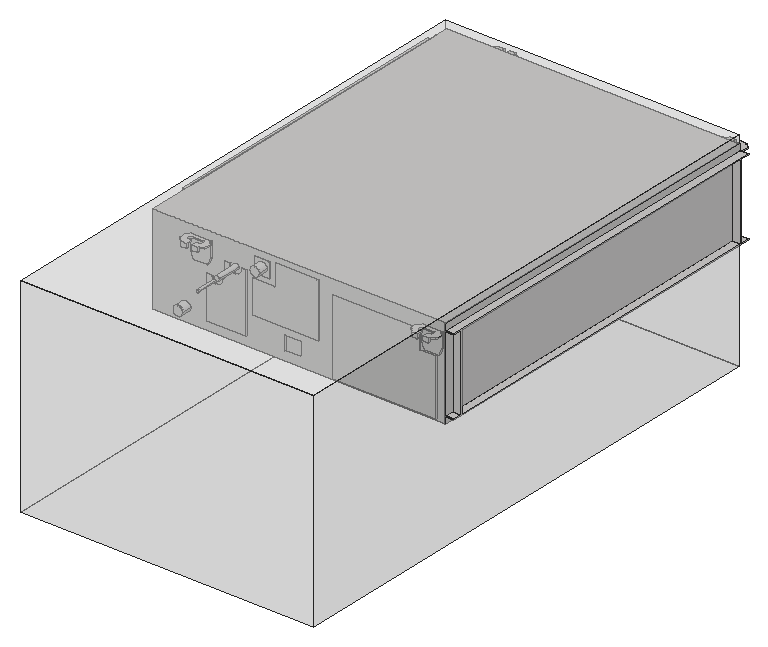
Revit family "outputfile", category 機械設備, Revit 2024
Family settings
  丸型コネクタ寸法 = 半径を使用
  パーツ タイプ = 標準
  OmniClass 番号 = 23.75.10.24.21.27.27
  OmniClass タイトル = Split System Air Conditioning Units
  作業面ベース = いいえ
  常に垂直 = はい
  ロード時にボイドで切り取り = いいえ
  注釈の向きを維持 = いいえ
  共有 = いいえ
  部屋計算ポイント = はい
Parameters (values of type "FBA50BAVMA")
  製造元 = "Daikin"
  書き出し IFC クラス(タイプ) = "IfcUnitaryEquipmentType"
  定義済み IFC タイプ(タイプ) = "AIRCONDITIONINGUNIT"
  モデル = "FBA50BAVMA"
  switch_frequency = yes
  r_Liquid Pipe Size = Liquid Pipe Size / 2  # 3.2 mm
  r_Gas Pipe Size = Gas Pipe Size / 2  # 6.35 mm
  r_Drain Pipe Size = Drain Pipe Size / 2  # 12.5 mm
  lw_power = 770.0 mm  # constant formula
  lh_SA = 138.0 mm  # constant formula
  lw_SA = if(Width = 550.0 mm, 225.0 mm, if(Width = 700.0 mm, 300.0 mm, if(Width = 1000.0 mm, 450.0 mm, if(Width = 1400.0 mm, 650.0 mm, 725.0 mm))))  # 450.0 mm
  lw_RA = if(Width = 550.0 mm, 275.0 mm, if(Width = 700.0 mm, 349.0 mm, if(Width = 1000.0 mm, 499.0 mm, if(Width = 1400.0 mm, 699.0 mm, 775.0 mm))))  # 499.0 mm
  lh_power = 60.0 mm + [h***]  # 60.0 mm
  lh_mountinghole1 = lh_mountinghole + [h***]  # 222.0 mm
  lh_RA = 123.0 mm  # constant formula
  ld_power = Width / 2  # 500.0 mm
  connector_voltage = Voltage_50Hz  # 230 V
  connector_powerinput = [Power Input (Cooling)]  # 1.370 kW
  connector_phase = Phase_50Hz  # 1
  Voltage_comment_60Hz = "220-230"
  Voltage_comment_50Hz = "220 - 240"
  Voltage_60Hz = 220 V
  Voltage_50Hz = 230 V
  Total Heating Capacity [instance] = 0.000 kW
  Supply Air Direction [instance] = yes
  Sound Power Level_H speed (dB) = 63
  Power Input (Heating) = 1.410 kW
  Phase_60Hz = 1
  Phase_50Hz = 1
  Nominal Heating Capacity = 6.000 kW
  Minimum External Static Pressure = 0.00 Pa
  Minimum Circuit Amps_60Hz = 0.0 A
  Minimum Circuit Amps_50Hz = 0.0 A
  Maximum Fuse Amps_60Hz = 0.0 A
  Maximum Fuse Amps_50Hz = 0.0 A
  Maximum External Static Pressure = 0.00 Pa
  Material_Casing = DAIKIN_GalvanizedSteel_Casing_indoorunit
  lw_mountinghole = 630.0 mm  # constant formula
  lh_gaspipe = 183.0 mm + [h***]  # 183.0 mm
  lh_mountinghole = 222.0 mm  # constant formula
  lh_liquidpipe = 136.0 mm + [h***]  # 136.0 mm
  lh_drainpipe = 207.0 mm + [h***]  # 207.0 mm
  lh_antena = Height - lh_mountinghole + 1.0 mm  # 24.0 mm
  ld_drainpipe = Width / 2 + 26.0 mm  # 526.0 mm
  ld_liquidpipe = Width / 2 + 69.0 mm  # 569.0 mm
  ld_gaspipe = Width / 2 + 65.0 mm  # 565.0 mm
  ld_mountinghole = Width + 38.0 mm  # 1038.0 mm
  h*** = 0.0 mm  # constant formula
  lw_liquidpipe = 179.0 mm  # constant formula
  lw_gaspipe = 229.0 mm  # constant formula
  lw_drainpipe = 300.0 mm  # constant formula
  Width = 1000.0 mm
  Version = "ver.1.0"
  Unit Type = "Duct"
  Unit Mass Weight = 37.00 kg
  Unit Designation [instance] = ""
  Uniclass2015Version = "Products v1.30"
  Uniclass2015Title = "Split coil room air conditioning units"
  Uniclass2015Code = "Pr_70_65_03_86"
  Total Cooling Capacity [instance] = 0.000 kW
  Sound Pressure Level_M speed (dBA) = 33
  Sound Pressure Level_L speed (dBA) = 31
  Sound Pressure Level_H speed (dBA) = 35
  Series = "SkyAir_Fan Coil Unit"
  Sensible Cooling Capacity [instance] = 0.000 kW
  SA Duct Size Width = 792.0 mm
  SA Duct Size Height = 176.0 mm
  Refrigerant Type = "R32"
  RA Duct Size Width = 952.0 mm
  RA Duct Size Height = 208.0 mm
  Power Input (Cooling) = 1.370 kW
  Option Accessory 3 [instance] = ""
  Option Accessory 2 [instance] = ""
  Option Accessory 1 [instance] = ""
  Nominal Cooling Capacity = 5.000 kW
  Minimum Airflow = 750.00 m³/h
  Median Airflow = 900.00 m³/h
  Maximum Airflow = 1080.00 m³/h
  Load Classification = HVAC
  Liquid Pipe Size = 6.4 mm
  Link_Nested Family [instance] = ""
  IfcVersion = ""
  IfcExportType = "AIRCONDITIONINGUNIT"
  IfcExportAs = "IfcUnitaryEquipmentType"
  Height = 245.0 mm
  Heating Entering Wet Bulb Temperature [instance] = -273.15 °C
  Heating Entering Dry Bulb Temperature [instance] = -273.15 °C
  Heating Ambient Wet Bulb Temperature [instance] = -273.15 °C
  Heating Ambient Dry Bulb Temperature [instance] = -273.15 °C
  Heat Exchanger Type = "Cross Fin Coil"
  Gas Pipe Size = 12.7 mm
  Frequency_60Hz = 60 Hz
  Frequency_50Hz = 50 Hz
  Fan Type = "Sirocco Fan"
  Fan Drive = "-"
  FCU Tag No. [instance] = ""
  Drain Pipe Size = 25.0 mm
  Design Supply Airflow [instance] = 0.00 m³/h
  Design Return Airflow [instance] = 0.00 m³/h
  Design External Static Pressure [instance] = 0.00 Pa
  Depth = 800.0 mm
  既定の高さ = 0.0 mm
  Cooling Entering Wet Bulb Temperature [instance] = 0.00 °C
  Cooling Entering Dry Bulb Temperature [instance] = 0.00 °C
  Cooling Ambient Wet Bulb Temperature [instance] = 0.00 °C
  Cooling Ambient Dry Bulb Temperature [instance] = 0.00 °C
  Clearance visibility [instance] = yes
  Clearance Top = 20.0 mm
  Clearance Right = 0.0 mm
  Clearance Rear = 0.0 mm
  Clearance Left = 0.0 mm
  Clearance Front = 450.0 mm
  Clearance Bottom = 300.0 mm
Reference planes
  plane 1 "Center (Front/Back)": y = 0
  plane 2 "h": z = 0
  plane 3 "Center (Left/Right)": x = 0
  plane 4 "Back": y = 500
  plane 5 "Front": y = -500
  plane 6 "Left": x = -400
  plane 7 "Right": x = 400
  plane 8 "Top": z = 0
  plane 9 "Bottom": z = -245
  plane 10: y = -215
  plane 11: y = 500
  plane 12: y = -950
  plane 13: x = -400
  plane 14: x = 400
  plane 15: z = 20
  plane 16: z = -545
  plane 17: x = -400
  plane 18: x = -399
  plane 19: x = 399
  plane 20: y = 50
  plane 21: y = -1
  plane 22: z = -122
  plane 23: y = -501
  plane 24: z = -109
  plane 25: x = -221
  plane 26: y = -565
  plane 27: z = -62
  plane 28: x = -171
  plane 29: y = -526
  plane 30: z = -38
  plane 31: x = -100
  plane 32: x = -100
  plane 33: x = -221
  plane 34: x = -171
  plane 35: x = 370
  plane 36: x = -266
  plane 37: x = 364
  plane 38: y = -519
  plane 39: y = 519
  plane 40: z = -23
  plane 41: z = -107
  plane 42: y = -569
  plane 43: z = -207
  plane 44: x = -309
  plane 45: y = -376
  plane 46: x = -251
  plane 47: x = -203
  plane 48: x = -144
  plane 49: z = -59
  plane 50: z = -106
  plane 51: z = -221
  plane 52: z = -109
  plane 53: x = -221
  plane 54: z = -62
  plane 55: x = -171
  plane 56: z = -17
  plane 57: z = -59
  plane 58: x = -121
  plane 59: x = -79
  plane 60: x = -125
  plane 61: x = -64
  plane 62: x = 53
  plane 63: z = -164
  plane 64: z = -73
  plane 65: z = -16
  plane 66: x = 93.5
  plane 67: x = 374.5
  plane 68: x = 330
  plane 69: z = -88.5
  plane 70: z = -38
  plane 71: z = -242.5
  plane 72: x = -38.5
  plane 73: x = 6.5
  plane 74: z = -181
  plane 75: z = -221
  plane 76: y = -499
  plane 77: x = -424
  plane 78: x = 424
Forms (mm)
  Extrusion 1, solid, material "DAIKIN_GalvanizedSteel_Casing_indoorunit" <- "Material_Casing"
    sketch origin (0, 0, 0) x (1, 0, 0) y (0, 1, 0)
      loop
        line (-399, 500) -> (-399, -500) -> (399, -500) -> (399, 500) -> (-399, 500)
    from -245 to 0
  Extrusion 2, solid, material "DAIKIN_GalvanizedSteel_Casing_indoorunit" <- "Material_Casing"
    sketch origin (0, 0, 0) x (1, 0, 0) y (0, 0, 1)
      loop
        line (-251, -221) -> (-144, -221) -> (-144, -59) -> (-154.47, -59)
        arc (-154.47, -59) -> (-171, -78.8) -> (-187.53, -59) r 16.8
        line (-187.53, -59) -> (-203, -59) -> (-203, -106) -> (-206.916, -106)
        arc (-206.916, -106) -> (-221, -123.4) -> (-235.084, -106) r 14.4
        line (-235.084, -106) -> (-251, -106) -> (-251, -221)
    from 500 to 501
  Extrusion 3, solid, material "DAIKIN_GalvanizedSteel_Casing_indoorunit" <- "Material_Casing"
    sketch origin (0, 0, 0) x (1, 0, 0) y (0, 0, 1)
      loop
        line (-121, -17) -> (-121, -59) -> (-79, -59) -> (-79, -17) -> (-121, -17)
      loop
        line (-125, -73) -> (-125, -164) -> (53, -164) -> (53, -16) -> (-64, -16) -> (-64, -73) -> (-125, -73)
    from 500 to 501
  Extrusion 4, solid, material "DAIKIN_GalvanizedSteel_Casing_indoorunit" <- "Material_Casing"
    sketch origin (0, 0, 0) x (1, 0, 0) y (0, 0, 1)
      loop
        line (93.5, -38) -> (93.5, -242.5) -> (374.5, -242.5) -> (374.5, -88.5) -> (330, -88.5) -> (330, -38) -> (93.5, -38)
    from 500 to 501
  Extrusion 5, solid, material "DAIKIN_GalvanizedSteel_Casing_indoorunit" <- "Material_Casing"
    sketch origin (0, 0, 0) x (1, 0, 0) y (0, 0, 1)
      loop
        circle (-221, -109) r 3.2
    from 500 to 569
  Extrusion 6, solid, material "DAIKIN_GalvanizedSteel_Casing_indoorunit" <- "Material_Casing"
    sketch origin (0, 0, 0) x (1, 0, 0) y (0, 0, 1)
      loop
        circle (-171, -62) r 6.35
    from 500 to 565
  Extrusion 7, solid, material "DAIKIN_GalvanizedSteel_Casing_indoorunit" <- "Material_Casing"
    sketch origin (0, 0, 0) x (1, 0, 0) y (0, 0, 1)
      loop
        circle (-100, -38) r 12.5
    from 501 to 526
  Extrusion 8, solid, material "DAIKIN_GalvanizedSteel_Casing_indoorunit" <- "Material_Casing"
    sketch origin (0, 0, 0) x (1, 0, 0) y (0, 0, 1)
      loop
        circle (-309, -207) r 13
    from 500 to 526
  Extrusion 9, void
    sketch origin (0, 0, 0) x (1, 0, 0) y (0, 0, 1)
      loop
        line (-38.5, -181) -> (-38.5, -221) -> (6.5, -221) -> (6.5, -181) -> (-38.5, -181)
    from 499 to 500
Cuts and joins
  Extrusion 9 cuts Extrusion 1
Dimensions and locks
  "Height": plane 8 "Top" to plane 9 "Bottom"
  equal spacing: plane 4 "Back", plane 1 "Center (Front/Back)", plane 5 "Front"
  "Width": plane 4 "Back" to plane 5 "Front"
  equal spacing: plane 6 "Left", plane 3 "Center (Left/Right)", plane 7 "Right"
  "Depth": plane 6 "Left" to plane 7 "Right"
  "Clearance Left": plane 13 to plane 6 "Left"
  "Clearance Right": plane 7 "Right" to plane 14
  "Clearance Rear": plane 11 to plane 4 "Back"
  "Clearance Front": plane 5 "Front" to plane 12
  "Clearance Top": plane 15 to plane 8 "Top"
  "Clearance Bottom": plane 9 "Bottom" to plane 16
  locked: plane 17 to plane 18 at 1
  locked: plane 19 to plane 14 at 1
  "lw_RA": plane 21 to plane 5 "Front"
  "lh_RA": plane 22 to plane 9 "Bottom"
  locked: plane 5 "Front" to plane 23 at 1
  "lw_liquidpipe": plane 25 to plane 6 "Left"
  "lh_liquidpipe": plane 24 to plane 9 "Bottom"
  "lh_gaspipe": plane 27 to plane 9 "Bottom"
  "lw_gaspipe": plane 28 to plane 6 "Left"
  "ld_gaspipe": plane 26 to plane 1 "Center (Front/Back)"
  "ld_drainpipe": plane 29 to plane 1 "Center (Front/Back)"
  "lh_drainpipe": plane 30 to plane 9 "Bottom"
  "lw_drainpipe": plane 31 to plane 6 "Left"
  "lw_drainpipe": plane 6 "Left" to plane 32
  "lw_liquidpipe": plane 6 "Left" to plane 33
  "lw_gaspipe": plane 6 "Left" to plane 34
  "lw_power": plane 6 "Left" to plane 35
  locked: plane 17 to plane 36 at 134
  "lw_mountinghole": plane 36 to plane 37
  equal spacing: plane 38, plane 1 "Center (Front/Back)", plane 39
  "ld_mountinghole": plane 39 to plane 38
  "lh_mountinghole": plane 40 to plane 9 "Bottom"
  "lh_SA": plane 41 to plane 9 "Bottom"
  locked: plane 44 to plane 6 "Left" at 91
  locked: plane 43 to plane 9 "Bottom" at 38
  plane 48 to plane 47 to plane 46 to plane 6 "Left" = 59.0 mm, 48.0 mm, 149.0 mm
  plane 8 "Top" to plane 49 to plane 50 to plane 51 = 59.0 mm locked, 47.0 mm locked, 115.0 mm locked
  plane 55 to plane 53 to plane 6 "Left" = 50.0 mm locked, 179.0 mm locked
  plane 54 to plane 52 to plane 9 "Bottom" = 47.0 mm locked, 136.0 mm locked
  plane 59 to plane 58 to plane 6 "Left" = 42.0 mm locked, 279.0 mm locked
  plane 8 "Top" to plane 56 to plane 57 = 17.0 mm locked, 42.0 mm locked
  plane 62 to plane 61 to plane 60 to plane 6 "Left" = 117.0 mm, 61.0 mm, 275.0 mm
  plane 8 "Top" to plane 65 to plane 64 = 16.0 mm locked, 57.0 mm locked
  locked: plane 65 to plane 63 at 148
  plane 8 "Top" to plane 70 to plane 69 to plane 71 = 38.0 mm locked, 50.5 mm locked, 154.0 mm locked
  plane 67 to plane 68 to plane 66 to plane 6 "Left" = 44.5 mm locked, 236.5 mm locked, 493.5 mm locked
  plane 8 "Top" to plane 74 to plane 75 = 181.0 mm locked, 40.0 mm locked
  plane 73 to plane 72 to plane 6 "Left" = 45.0 mm, 361.5 mm
  locked: plane 76 to plane 5 "Front" at 1
  locked: plane 77 to plane 17 at 24
  locked: plane 14 to plane 78 at 24
  "ld_liquidpipe": plane 42 to plane 1 "Center (Front/Back)"
  "lw_SA": plane 4 "Back" to plane 20
  "r_Liquid Pipe Size": radius of Extrusion 5 sketch curve
  "r_Gas Pipe Size": radius of Extrusion 6 sketch curve
  "r_Drain Pipe Size": radius of Extrusion 7 sketch curve
  aligned and locked: level to plane 2 "h"
  aligned and locked: plane 8 "Top" to Extrusion 1
  aligned and locked: Extrusion 1 to plane 9 "Bottom"
  aligned and locked: nested 5 to plane 12
  aligned and locked: plane 13 to nested 5
  aligned and locked: plane 14 to nested 5
  aligned and locked: nested 5 to plane 13
  aligned and locked: plane 11 to nested 5
  aligned and locked: plane 15 to nested 5
  aligned and locked: plane 16 to nested 5
  aligned and locked: plane 5 "Front" to Extrusion 1 sketch curve
  aligned and locked: Extrusion 1 to plane 18
  aligned and locked: plane 19 to Extrusion 1
  aligned and locked: nested 7 to plane 18
  aligned and locked: nested 7 to plane 20
  aligned and locked: plane 19 to nested 8
  aligned and locked: plane 21 to nested 8
  aligned and locked: plane 22 to nested 8
  aligned and locked: Extrusion 2 to plane 23
  aligned and locked: plane 5 "Front" to Extrusion 2
  aligned and locked: Extrusion 3 to plane 23
  aligned and locked: plane 5 "Front" to Extrusion 3
  aligned and locked: plane 5 "Front" to Extrusion 4
  aligned and locked: Extrusion 5 sketch curve to plane 25
  aligned and locked: plane 24 to Extrusion 5 sketch curve
  aligned and locked: plane 5 "Front" to Extrusion 5
  aligned and locked: Extrusion 6 sketch curve to plane 28
  aligned and locked: plane 27 to Extrusion 6 sketch curve
  aligned and locked: plane 5 "Front" to Extrusion 6
  aligned and locked: Extrusion 7 sketch curve to plane 31
  aligned and locked: Extrusion 7 sketch curve to plane 30
  aligned and locked: Extrusion 7 to plane 29
  aligned and locked: plane 23 to Extrusion 7
  aligned and locked: nested 3 to plane 29
  aligned and locked: plane 32 to nested 3
  aligned and locked: nested 2 to plane 33
  aligned and locked: nested 1 to plane 34
  aligned and locked: Extrusion 6 to plane 26
  aligned and locked: nested 1 to plane 26
  aligned and locked: nested 6 to plane 5 "Front"
  aligned and locked: nested 6 to plane 35
  aligned and locked: plane 36 to nested 10
  aligned and locked: nested 10 to plane 5 "Front"
  aligned and locked: plane 37 to nested 9
  aligned and locked: nested 9 to plane 5 "Front"
  aligned and locked: nested 11 to plane 36
  aligned and locked: plane 4 "Back" to nested 11
  aligned and locked: nested 12 to plane 37
  aligned and locked: plane 4 "Back" to nested 12
  aligned and locked: plane 40 to nested 10
  aligned and locked: plane 40 to nested 11
  aligned and locked: plane 40 to nested 9
  aligned and locked: plane 40 to nested 12
  aligned and locked: plane 36 to nested 14
  aligned and locked: nested 14 to plane 39
  aligned and locked: plane 37 to nested 13
  aligned and locked: nested 13 to plane 39
  aligned and locked: plane 37 to nested 16
  aligned and locked: plane 38 to nested 16
  aligned and locked: plane 38 to nested 15
  aligned and locked: plane 36 to nested 15
  aligned and locked: plane 17 to plane 6 "Left"
  aligned and locked: plane 41 to nested 7
  aligned and locked: Extrusion 5 to plane 42
  aligned and locked: nested 2 to plane 42
  aligned and locked: Extrusion 8 sketch curve to plane 44
  aligned and locked: plane 43 to Extrusion 8 sketch curve
  aligned and locked: plane 5 "Front" to Extrusion 8
  aligned and locked: Extrusion 3 sketch curve to plane 56
  aligned and locked: Extrusion 3 sketch curve to plane 58
  aligned and locked: plane 57 to Extrusion 3 sketch curve
  aligned and locked: plane 59 to Extrusion 3 sketch curve
  aligned and locked: Extrusion 4 to plane 23
  aligned and locked: Extrusion 9 sketch curve to plane 74
  aligned and locked: plane 75 to Extrusion 9 sketch curve
  aligned and locked: plane 73 to Extrusion 9 sketch curve
  aligned and locked: plane 5 "Front" to Extrusion 9
  aligned and locked: plane 76 to Extrusion 9
  aligned and locked: nested 17 to plane 20
  aligned and locked: nested 17 to plane 77
  aligned and locked: plane 21 to nested 18
  aligned and locked: plane 78 to nested 18
  aligned and locked: plane 41 to nested 17
  aligned and locked: nested 18 to plane 22
  aligned and locked: nested 4 to plane 3 "Center (Left/Right)"
  aligned and locked: plane 1 "Center (Front/Back)" to nested 4
  aligned and locked: level to plane 8 "Top"
Automatic sketch dimensions
  plane 6 "Left" to Extrusion 1 sketch curve = 1.0 mm
  Extrusion 1 sketch curve to plane 7 "Right" = 1.0 mm
  Extrusion 1 sketch curve to plane 4 "Back" = 0.0 mm
  Extrusion 2 sketch curve to plane 46 = 0.0 mm
  Extrusion 2 sketch curve to plane 33 = 0.0 mm
  Extrusion 2 sketch curve to plane 47 = 0.0 mm
  Extrusion 2 sketch curve to plane 34 = 0.0 mm
  Extrusion 2 sketch curve to plane 48 = 0.0 mm
  Extrusion 2 sketch curve to plane 51 = 0.0 mm
  Extrusion 2 sketch curve to plane 52 = 0.0 mm
  Extrusion 2 sketch curve to plane 50 = 0.0 mm  (x3)
  Extrusion 2 sketch curve to plane 54 = 0.0 mm
  Extrusion 2 sketch curve to plane 49 = 0.0 mm  (x3)
  plane 33 to Extrusion 2 sketch curve = 14.084 mm
  plane 34 to Extrusion 2 sketch curve = 16.53 mm
  Extrusion 3 sketch curve to plane 60 = 0.0 mm
  Extrusion 3 sketch curve to plane 61 = 0.0 mm
  Extrusion 3 sketch curve to plane 62 = 0.0 mm
  Extrusion 3 sketch curve to plane 63 = 0.0 mm
  Extrusion 3 sketch curve to plane 64 = 0.0 mm
  Extrusion 3 sketch curve to plane 65 = 0.0 mm
  Extrusion 4 sketch curve to plane 66 = 0.0 mm
  Extrusion 4 sketch curve to plane 68 = 0.0 mm
  Extrusion 4 sketch curve to plane 67 = 0.0 mm
  Extrusion 4 sketch curve to plane 71 = 0.0 mm
  Extrusion 4 sketch curve to plane 69 = 0.0 mm
  Extrusion 4 sketch curve to plane 70 = 0.0 mm
  Extrusion 9 sketch curve to plane 72 = 0.0 mm
  radius of Extrusion 8 sketch curve = 13.0 mm
Nested families
  nested 1: "daikin_connector_rotate2" at (-171, 0, -62), length <- "ld_gaspipe", built-in parameter 1001364 <- "lh_gaspipe", radius <- "r_Gas Pipe Size", type "daikin_connector_rotate2"
    with radius 6.35 mm, length 565.0 mm, angle_vertical 90.00°
  nested 2: "daikin_connector_rotate2" at (-221, 0, -109), length <- "ld_liquidpipe", built-in parameter 1001364 <- "lh_liquidpipe", radius <- "r_Liquid Pipe Size", type "daikin_connector_rotate2"
    with radius 3.2 mm, length 569.0 mm, angle_vertical 90.00°
  nested 3: "daikin_connector_rotate2" at (-100, 0, -38), length <- "ld_drainpipe", built-in parameter 1001364 <- "lh_drainpipe", radius <- "r_Drain Pipe Size", type "daikin_connector_rotate2"
    with radius 12.5 mm, length 526.0 mm, angle_vertical 90.00°
  nested 4: "daikin_△_symbolicline" at (0, 0, 245) x (0, -1, 0) z (0, 0, 1), built-in parameter 1001364 <- "Height", visible <- "Supply Air Direction", type "daikin_△_symbolicline"
    with length 200.0 mm
  nested 5: "daikin_clearancespace" at (0, -225, -262.381), visible <- "Clearance visibility", show <- "Clearance visibility", Link_Nested Family <- "Link_Nested Family", type "daikin_clearancespace"
    with width 800.0 mm, show yes, height 565.0 mm, depth 1450.0 mm, Link_Nested Family ""
  nested 6: "daikin_connector_rotate2" at (370, 0, -185), built-in parameter 1001364 <- "lh_power", length <- "ld_power", type "daikin_connector_rotate2"
    with radius 10.0 mm, length 500.0 mm, angle_vertical 90.00°
  nested 7: "daikin_ductflange_FBA-BAVMA2" at (-399, 50, -107) x (0, -1, 0) z (0, 0, 1), type "daikin_ductflange_FBA-BAVMA2"
    with width 792.0 mm, w 1000.0 mm
  nested 8: "daikin_ductflange_FBA-BAVMA" at (399, -1, -122) x (0, 1, 0) z (0, 0, 1), type "daikin_ductflange_FBA-BAVMA"
    with width 952.0 mm, lw 25.0 mm, w 1000.0 mm
  nested 9: "daikin_hangerfixture_FBA-BAVMA" at (364, -500, -23), type "daikin_hangerfixture_FBA-BAVMA"
  nested 10: "daikin_hangerfixture_FBA-BAVMA" at (-266, -500, -23), type "daikin_hangerfixture_FBA-BAVMA"
  nested 11: "daikin_hangerfixture_FBA-BAVMA" at (-266, 500, -23) x (-1, 0, 0) z (0, 0, 1), type "daikin_hangerfixture_FBA-BAVMA"
  nested 12: "daikin_hangerfixture_FBA-BAVMA" at (364, 500, -23) x (-1, 0, 0) z (0, 0, 1), type "daikin_hangerfixture_FBA-BAVMA"
  nested 13: "daikin_mountinghole" at (364, 519, -245), h_mountinghole <- "lh_mountinghole1", l_antenna <- "lh_antena", Link_Nested Family <- "Link_Nested Family", type "daikin_mountinghole"
    with show yes, l_antenna 24.0 mm, h_mountinghole 222.0 mm, Link_Nested Family ""
  nested 14: "daikin_mountinghole" at (-266, 519, -245), h_mountinghole <- "lh_mountinghole1", l_antenna <- "lh_antena", Link_Nested Family <- "Link_Nested Family", type "daikin_mountinghole"
    with show yes, l_antenna 24.0 mm, h_mountinghole 222.0 mm, Link_Nested Family ""
  nested 15: "daikin_mountinghole" at (-266, -519, -245), h_mountinghole <- "lh_mountinghole1", l_antenna <- "lh_antena", Link_Nested Family <- "Link_Nested Family", type "daikin_mountinghole"
    with show yes, l_antenna 24.0 mm, h_mountinghole 222.0 mm, Link_Nested Family ""
  nested 16: "daikin_mountinghole" at (364, -519, -245), h_mountinghole <- "lh_mountinghole1", l_antenna <- "lh_antena", Link_Nested Family <- "Link_Nested Family", type "daikin_mountinghole"
    with show yes, l_antenna 24.0 mm, h_mountinghole 222.0 mm, Link_Nested Family ""
  nested 17: "daikin_connector_rotate2" at (-400, 50, -107) x (0, -1, 0) z (0, 0, 1), type "daikin_connector_rotate2"
    with radius 10.0 mm, length 24.0 mm, angle_vertical 90.00°
  nested 18: "daikin_connector_rotate2" at (400, -1, -122) x (0, 1, 0) z (0, 0, 1), type "daikin_connector_rotate2"
    with radius 10.0 mm, length 24.0 mm, angle_vertical 90.00°
Connectors
  piping at (-100, -526, -38), diameter 25, driven by "r_Drain Pipe Size"
    settings: on nested 3, index 3, connector inside diameter 609.6 mm, connector length 0.0 mm, flow factor 0, pipe flow 0.00 m³/h, pressure drop 0.0 Pa, fitting loss kfactor 0, connector angle 0.00°, fixture units 0, engagement length 0.0 mm, angle of deflection 0.00°, flow configuration 1, flow direction 2, fitting loss method 4, system type 16, joint type 0, gender type 0, connector reference index -1, connector utility 0, adjustable connector no, is connector primary yes, connector description "Condensate Drain Piping"
  piping at (-171, -565, -62), diameter 12.7, driven by "r_Gas Pipe Size"
    settings: on nested 1, index 4, connector inside diameter 609.6 mm, connector length 0.0 mm, flow factor 0, pipe flow 0.00 m³/h, pressure drop 0.0 Pa, fitting loss kfactor 0, connector angle 0.00°, fixture units 0, engagement length 0.0 mm, angle of deflection 0.00°, flow configuration 1, flow direction 2, fitting loss method 0, system type 29, joint type 0, gender type 0, connector reference index -1, connector utility 0, adjustable connector no, is connector primary no, connector description "Refrigerant Gas Piping"
  piping at (-221, -569, -109), diameter 6.4, driven by "r_Liquid Pipe Size"
    settings: on nested 2, index 5, connector inside diameter 609.6 mm, connector length 0.0 mm, flow factor 0, pipe flow 0.00 m³/h, pressure drop 0.0 Pa, fitting loss kfactor 0, connector angle 0.00°, fixture units 0, engagement length 0.0 mm, angle of deflection 0.00°, flow configuration 1, flow direction 1, fitting loss method 0, system type 29, joint type 0, gender type 0, connector reference index -1, connector utility 0, adjustable connector no, is connector primary no, connector description "Refrigerant Liquid Piping"
  electrical at (370, -500, -185), driven by "Load Classification", driven by "connector_voltage", driven by "connector_phase", driven by "connector_powerinput"
    settings: on nested 6, index 6, voltage 230 V, apparent load 1370 VA, apparent load phase1 0 VA, apparent load phase2 0 VA, apparent load phase3 0 VA, power factor 1, load classification "HVAC", number of poles 1, system type 30, power factor state 1, is connector primary yes, connector utility no, sub classification motor no, connector description "Power Supply"
  hvac at (-424, 50, -107), driven by "SA Duct Size Height", driven by "SA Duct Size Width"
    settings: on nested 17, index 7, duct flow 0.00 m³/h, flow factor 0, pres drop 0.00 Pa, loss coef 0, conn angle 0.00°, conn width 792.0 mm, conn height 176.0 mm, conn diameter 609.6 mm, duct sys type 1, conn prof type 1, flow config 0, flow direction 2, loss method 4, conn ref index -1, conn util no, is conn primary yes, conn desc "SA Duct"
  hvac at (424, -1, -122), driven by "RA Duct Size Height", driven by "RA Duct Size Width"
    settings: on nested 18, index 8, duct flow 0.00 m³/h, flow factor 0, pres drop 0.00 Pa, loss coef 0, conn angle 0.00°, conn width 952.0 mm, conn height 208.0 mm, conn diameter 609.6 mm, duct sys type 2, conn prof type 1, flow config 0, flow direction 1, loss method 4, conn ref index -1, conn util no, is conn primary no, conn desc "RA Duct"
Definition of nested family "daikin_clearancespace"
  Parameters (values of type "daikin_clearancespace")
    Description = "daikin_clearancespace"
    width [instance] = 1823.963 mm
    show [instance] = yes
    material = none
    height [instance] = 1359.762 mm
    depth [instance] = 880.0 mm
    Default Elevation = 0.0 mm
    Link_Nested Family [instance] = ""
  Reference planes
    plane 1 "Center (Front/Back)": y = 0
    plane 2 "Center (Elevation)": z = -0.119
    plane 3 "Center (Left/Right)": x = 0
    plane 4: y = 440
    plane 5: y = -440
    plane 6 "Right": x = 911.982
    plane 7 "Left": x = -911.982
    plane 8 "Top": z = 679.762
    plane 9 "Bottom": z = -680
  Forms (mm)
    Extrusion 1, solid, material <- "material", visible <- "show"
      sketch origin (0, 0, 0) x (1, 0, 0) y (0, 1, 0)
        loop
          line (-911.982, 440) -> (-911.982, -440) -> (911.982, -440) -> (911.982, 440) -> (-911.982, 440)
      from -680 to 679.762
  Lines and regions (mm)
    symbolic lines, visible <- "show"
      curve 1: line (911.982, 440, 0) -> (-911.982, 440, 0)
      curve 2: line (-911.982, 440, 0) -> (-911.982, -440, 0)
      curve 3: line (-911.982, -440, 0) -> (911.982, -440, 0)
      curve 4: line (911.982, -440, 0) -> (911.982, 440, 0)
      curve 5: line (911.982, 0, 679.762) -> (-911.982, 0, 679.762)
      curve 6: line (911.982, 0, -680) -> (911.982, 0, 679.762)
      curve 7: line (-911.982, 0, -680) -> (911.982, 0, -680)
      curve 8: line (-911.982, 0, 679.762) -> (-911.982, 0, -680)
      curve 9: line (0, 440, 679.762) -> (0, -440, 679.762)
      curve 10: line (0, -440, 679.762) -> (0, -440, -680)
      curve 11: line (0, 440, -680) -> (0, 440, 679.762)
      curve 12: line (0, -440, -680) -> (0, 440, -680)
  Dimensions and locks
    "width": plane 7 "Left" to plane 6 "Right"
    "depth": plane 4 to plane 5
    "height": plane 8 "Top" to plane 9 "Bottom"
    equal spacing: plane 7 "Left", plane 3 "Center (Left/Right)", plane 6 "Right"
    equal spacing: plane 4, plane 1 "Center (Front/Back)", plane 5
    equal spacing: plane 8 "Top", plane 2 "Center (Elevation)", plane 9 "Bottom"
    aligned and locked: level to plane 2 "Center (Elevation)"
    aligned and locked: Extrusion 1 sketch curve to plane 4
    aligned and locked: plane 7 "Left" to Extrusion 1 sketch curve
    aligned and locked: Extrusion 1 sketch curve to plane 5
    aligned and locked: Extrusion 1 sketch curve to plane 6 "Right"
    aligned and locked: plane 8 "Top" to Extrusion 1
    aligned and locked: curve 1 to Extrusion 1
    aligned and locked: curve 2 to Extrusion 1
    aligned and locked: curve 3 to Extrusion 1
    aligned and locked: curve 4 to Extrusion 1
    aligned and locked: curve 5 to Extrusion 1
    aligned and locked: curve 6 to Extrusion 1
    aligned and locked: curve 7 to Extrusion 1
    aligned and locked: curve 8 to Extrusion 1
    aligned and locked: curve 9 to Extrusion 1
    aligned and locked: curve 10 to Extrusion 1
    aligned and locked: curve 11 to Extrusion 1
    aligned and locked: curve 12 to Extrusion 1
    aligned and locked: Extrusion 1 to plane 9 "Bottom"
Definition of nested family "daikin_ductflange_FBA-BAVMA2"
  Parameters (values of type "daikin_ductflange_FBFC-DVMG2")
    width = if(w = 550.0 mm, 337.0 mm, if(w = 700.0 mm, 492.0 mm, if(w = 1000.0 mm, 792.0 mm, if(w = 1400.0 mm, 1192.0 mm, 1337.0 mm))))  # 1192.0 mm
    material = none
    height = 215.0 mm
    depth = 1.0 mm
    w = 1400.0 mm
    Default Elevation = 0.0 mm
  Reference planes
    plane 1 "Center (Front/Back)": y = 0
    plane 2: z = 0
    plane 3 "Center (Left/Right)": x = 0
    plane 4: z = 88
    plane 5: z = -88
    plane 6: y = -25
    plane 7: z = 106
    plane 8: z = 89
    plane 9: y = -1
    plane 10: x = -617.5
    plane 11: x = 617.5
    plane 12: z = -106
    plane 13: z = -89
    plane 14: y = -1
    plane 15: x = 596
    plane 16: x = -596
    plane 17: x = 597
    plane 18: z = 87
    plane 19: z = -87
    plane 20: x = -597
    plane 21: z = 87
    plane 22: z = -87
    plane 23: y = -1
  Forms (mm)
    Extrusion 1, solid, material <- "material"
      sketch origin (0, 0, 0) x (0, 1, 0) y (0, 0, 1)
        loop
          line (-25, 88) -> (0, 88) -> (0, 106) -> (-1, 106) -> (-1, 89) -> (-25, 89) -> (-25, 88)
      from -617.5 to 617.5
    Extrusion 2, solid, material <- "material"
      sketch origin (0, 0, 0) x (0, 1, 0) y (0, 0, 1)
        loop
          line (-25, -88) -> (-25, -89) -> (-1, -89) -> (-1, -106) -> (0, -106) -> (0, -88) -> (-25, -88)
      from -617.5 to 617.5
    Extrusion 3, solid, material <- "material"
      sketch origin (0, 0, 0) x (1, 0, 0) y (0, 0, 1)
        loop
          line (596, 88) -> (596, -88) -> (617.5, -88) -> (617.5, -87) -> (597, -87) -> (597, 87) -> (617.5, 87) -> (617.5, 88) -> (596, 88)
      from 0 to 25
    Extrusion 4, solid, material <- "material"
      sketch origin (0, 0, 0) x (1, 0, 0) y (0, 0, 1)
        loop
          line (-617.5, 88) -> (-617.5, 87) -> (-597, 87) -> (-597, -87) -> (-617.5, -87) -> (-617.5, -88) -> (-596, -88) -> (-596, 88) -> (-617.5, 88)
      from 0 to 25
    Extrusion 5, solid, material <- "material"
      sketch origin (0, 0, 0) x (1, 0, 0) y (0, 0, 1)
        loop
          line (-617.5, 88) -> (-617.5, -88) -> (-596, -88) -> (-596, 88) -> (-617.5, 88)
        loop
          line (617.5, 88) -> (596, 88) -> (596, -88) -> (617.5, -88) -> (617.5, 88)
      from 0 to 1
  Cuts and joins
    joined: Extrusion 1, Extrusion 2, Extrusion 3, Extrusion 4, Extrusion 5
  Dimensions and locks
    plane 4 to level to plane 5 = 88.0 mm, 88.0 mm
    locked: plane 6 to plane 1 "Center (Front/Back)" at 25
    locked: plane 9 to plane 1 "Center (Front/Back)" at 1
    locked: plane 8 to plane 4 at 1
    locked: plane 16 to plane 10 at 21.5
    locked: plane 17 to plane 15 at 1
    locked: plane 4 to plane 18 at 1
    locked: plane 19 to plane 5 at 1
    "width": plane 15 to plane 16
    plane 4 to plane 5 = 176.0 mm
    locked: plane 16 to plane 20 at 1
    locked: plane 4 to plane 21 at 1
    locked: plane 22 to plane 5 at 1
    locked: plane 23 to plane 1 "Center (Front/Back)" at 1
    plane 4 to level to plane 5 = 88.0 mm locked, 88.0 mm locked
    locked: plane 5 to plane 13 at 1
    locked: plane 5 to plane 12 at 18
    locked: plane 7 to plane 4 at 18
    equal spacing: plane 15, plane 3 "Center (Left/Right)", plane 16
    locked: plane 11 to plane 15 at 21.5
    plane 11 to plane 10 = 1235.0 mm
    aligned and locked: level to plane 2
    aligned and locked: Extrusion 1 to plane 10
    aligned and locked: plane 11 to Extrusion 1
    aligned and locked: plane 5 to Extrusion 2
    aligned and locked: Extrusion 2 to plane 1 "Center (Front/Back)"
    aligned and locked: plane 15 to Extrusion 3 sketch curve
    aligned and locked: Extrusion 3 sketch curve to Extrusion 2  (x2)
    aligned and locked: Extrusion 3 sketch curve to plane 11
    aligned and locked: plane 6 to Extrusion 3
    aligned and locked: Extrusion 2 to plane 10
    aligned and locked: plane 11 to Extrusion 2
    aligned and locked: Extrusion 4 sketch curve to Extrusion 1  (x2)
    aligned and locked: plane 5 to Extrusion 4 sketch curve
    aligned and locked: Extrusion 4 sketch curve to plane 16
    aligned and locked: Extrusion 4 sketch curve to plane 22
    aligned and locked: plane 20 to Extrusion 4 sketch curve
    aligned and locked: plane 21 to Extrusion 4 sketch curve
    aligned and locked: Extrusion 4 to plane 1 "Center (Front/Back)"
    aligned and locked: plane 6 to Extrusion 4
    aligned and locked: Extrusion 5 sketch curve to Extrusion 1  (x4)
    aligned and locked: Extrusion 5 sketch curve to Extrusion 4  (x2)
    aligned and locked: Extrusion 5 sketch curve to Extrusion 3  (x2)
    aligned and locked: Extrusion 5 to plane 1 "Center (Front/Back)"
    aligned and locked: plane 23 to Extrusion 5
  Automatic sketch dimensions
    Extrusion 1 sketch curve to plane 6 = 0.0 mm
    Extrusion 1 sketch curve to plane 7 = 0.0 mm
    Extrusion 1 sketch curve to plane 9 = 0.0 mm
    Extrusion 1 sketch curve to plane 1 "Center (Front/Back)" = 0.0 mm
    Extrusion 1 sketch curve to plane 4 = 0.0 mm
    Extrusion 1 sketch curve to plane 8 = 0.0 mm
    Extrusion 2 sketch curve to plane 6 = 0.0 mm
    plane 12 to Extrusion 2 sketch curve = 0.0 mm
    Extrusion 2 sketch curve to plane 14 = 0.0 mm
    Extrusion 2 sketch curve to plane 1 "Center (Front/Back)" = 0.0 mm
    plane 13 to Extrusion 2 sketch curve = 0.0 mm
    Extrusion 2 sketch curve to plane 5 = 0.0 mm
    Extrusion 3 sketch curve to plane 17 = 0.0 mm
    Extrusion 3 sketch curve to plane 19 = 0.0 mm
    Extrusion 3 sketch curve to plane 18 = 0.0 mm
    Extrusion 3 sketch curve to plane 4 = 0.0 mm
    Extrusion 4 sketch curve to plane 10 = 0.0 mm
Definition of nested family "daikin_ductflange_FBA-BAVMA"
  Parameters (values of type "daikin_ductflange_FBFC-DVMG")
    width = if(w = 550.0 mm, 502.0 mm, if(w = 700.0 mm, 654.0 mm, if(w = 1000.0 mm, 952.0 mm, if(w = 1400.0 mm, 1352.0 mm, 1502.0 mm))))  # 654.0 mm
    material = none
    lw = if(width = 654.0 mm, 23.0 mm, 25.0 mm)  # 23.0 mm
    height = 208.0 mm
    depth = 1.0 mm
    w = 700.0 mm
    Default Elevation = 0.0 mm
  Reference planes
    plane 1 "Center (Front/Back)": y = 0
    plane 2: z = 0
    plane 3 "Center (Left/Right)": x = 0
    plane 4: z = 104
    plane 5: z = -104
    plane 6: y = -25
    plane 7: z = 121
    plane 8: z = 105
    plane 9: y = -1
    plane 10: x = -350
    plane 11: x = 350
    plane 12: z = -122
    plane 13: z = -105
    plane 14: y = -1
    plane 15: x = 327
    plane 16: x = -327
    plane 17: x = 328
    plane 18: z = 103
    plane 19: z = -103
    plane 20: x = -328
    plane 21: z = 103
    plane 22: z = -103
    plane 23: y = -1
  Forms (mm)
    Extrusion 1, solid, material <- "material"
      sketch origin (0, 0, 0) x (0, 1, 0) y (0, 0, 1)
        loop
          line (-25, 104) -> (0, 104) -> (0, 121) -> (-1, 121) -> (-1, 105) -> (-25, 105) -> (-25, 104)
      from -350 to 350
    Extrusion 2, solid, material <- "material"
      sketch origin (0, 0, 0) x (0, 1, 0) y (0, 0, 1)
        loop
          line (-25, -104) -> (-25, -105) -> (-1, -105) -> (-1, -122) -> (0, -122) -> (0, -104) -> (-25, -104)
      from -350 to 350
    Extrusion 3, solid, material <- "material"
      sketch origin (0, 0, 0) x (1, 0, 0) y (0, 0, 1)
        loop
          line (327, 104) -> (327, -104) -> (350, -104) -> (350, -103) -> (328, -103) -> (328, 103) -> (350, 103) -> (350, 104) -> (327, 104)
      from 0 to 25
    Extrusion 4, solid, material <- "material"
      sketch origin (0, 0, 0) x (1, 0, 0) y (0, 0, 1)
        loop
          line (-350, 104) -> (-350, 103) -> (-328, 103) -> (-328, -103) -> (-350, -103) -> (-350, -104) -> (-327, -104) -> (-327, 104) -> (-350, 104)
      from 0 to 25
    Extrusion 5, solid, material <- "material"
      sketch origin (0, 0, 0) x (1, 0, 0) y (0, 0, 1)
        loop
          line (-350, 104) -> (-350, -104) -> (-327, -104) -> (-327, 104) -> (-350, 104)
        loop
          line (350, 104) -> (327, 104) -> (327, -104) -> (350, -104) -> (350, 104)
      from 0 to 1
  Cuts and joins
    joined: Extrusion 1, Extrusion 2, Extrusion 3, Extrusion 4, Extrusion 5
  Dimensions and locks
    plane 4 to level to plane 5 = 104.0 mm, 104.0 mm
    locked: plane 6 to plane 1 "Center (Front/Back)" at 25
    locked: plane 9 to plane 1 "Center (Front/Back)" at 1
    locked: plane 8 to plane 4 at 1
    "lw": plane 11 to plane 15
    "lw": plane 16 to plane 10
    locked: plane 17 to plane 15 at 1
    locked: plane 4 to plane 18 at 1
    locked: plane 19 to plane 5 at 1
    "width": plane 15 to plane 16
    equal spacing: plane 15, plane 3 "Center (Left/Right)", plane 16
    locked: plane 16 to plane 20 at 1
    locked: plane 4 to plane 21 at 1
    locked: plane 22 to plane 5 at 1
    locked: plane 23 to plane 1 "Center (Front/Back)" at 1
    locked: plane 7 to plane 4 at 17
    locked: plane 1 "Center (Front/Back)" to plane 14 at 1
    locked: plane 5 to plane 13 at 1
    "height": plane 4 to plane 5
    plane 11 to plane 10 = 700.0 mm
    locked: plane 12 to plane 13 at 17
    equal spacing: plane 4, level, plane 5
    aligned and locked: level to plane 2
    aligned and locked: Extrusion 1 to plane 10
    aligned and locked: plane 11 to Extrusion 1
    aligned and locked: plane 5 to Extrusion 2
    aligned and locked: Extrusion 2 to plane 1 "Center (Front/Back)"
    aligned and locked: plane 15 to Extrusion 3 sketch curve
    aligned and locked: Extrusion 3 sketch curve to Extrusion 2  (x2)
    aligned and locked: Extrusion 3 sketch curve to plane 11
    aligned and locked: plane 6 to Extrusion 3
    aligned and locked: Extrusion 2 to plane 10
    aligned and locked: plane 11 to Extrusion 2
    aligned and locked: Extrusion 4 sketch curve to Extrusion 1  (x2)
    aligned and locked: plane 5 to Extrusion 4 sketch curve
    aligned and locked: Extrusion 4 sketch curve to plane 16
    aligned and locked: Extrusion 4 sketch curve to plane 22
    aligned and locked: plane 20 to Extrusion 4 sketch curve
    aligned and locked: plane 21 to Extrusion 4 sketch curve
    aligned and locked: Extrusion 4 to plane 1 "Center (Front/Back)"
    aligned and locked: plane 6 to Extrusion 4
    aligned and locked: Extrusion 5 sketch curve to Extrusion 1  (x4)
    aligned and locked: Extrusion 5 sketch curve to Extrusion 4  (x2)
    aligned and locked: Extrusion 5 sketch curve to Extrusion 3  (x2)
    aligned and locked: Extrusion 5 to plane 1 "Center (Front/Back)"
    aligned and locked: plane 23 to Extrusion 5
  Automatic sketch dimensions
    Extrusion 1 sketch curve to plane 6 = 0.0 mm
    Extrusion 1 sketch curve to plane 7 = 0.0 mm
    Extrusion 1 sketch curve to plane 9 = 0.0 mm
    Extrusion 1 sketch curve to plane 1 "Center (Front/Back)" = 0.0 mm
    Extrusion 1 sketch curve to plane 4 = 0.0 mm
    Extrusion 1 sketch curve to plane 8 = 0.0 mm
    Extrusion 2 sketch curve to plane 6 = 0.0 mm
    plane 12 to Extrusion 2 sketch curve = 0.0 mm
    Extrusion 2 sketch curve to plane 14 = 0.0 mm
    Extrusion 2 sketch curve to plane 1 "Center (Front/Back)" = 0.0 mm
    plane 13 to Extrusion 2 sketch curve = 0.0 mm
    Extrusion 2 sketch curve to plane 5 = 0.0 mm
    Extrusion 3 sketch curve to plane 17 = 0.0 mm
    Extrusion 3 sketch curve to plane 19 = 0.0 mm
    Extrusion 3 sketch curve to plane 18 = 0.0 mm
    Extrusion 3 sketch curve to plane 4 = 0.0 mm
    Extrusion 4 sketch curve to plane 10 = 0.0 mm
Definition of nested family "daikin_hangerfixture_FBA-BAVMA"
  Parameters (values of type "daikin_hangerfixture_FXMQ-PAVE")
    width = 72.0 mm
    material = none
    height = 60.0 mm
    depth = 41.0 mm
    Default Elevation = 0.0 mm
  Reference planes
    plane 1 "Center (Front/Back)": y = 0
    plane 2: z = 0
    plane 3 "Center (Left/Right)": x = 0
    plane 4: y = 417.146
    plane 5: y = -41
    plane 6: x = -36
    plane 7: x = 36
    plane 8: z = -2.3
    plane 9: z = -60
    plane 10: y = -2.3
    plane 11: z = -12
    plane 12: y = -38.7
  Forms (mm)
    Extrusion 1, solid, material <- "material"
      sketch origin (0, 0, 0) x (1, 0, 0) y (0, 1, 0)
        loop
          line (-28, 0) -> (-28, -5)
          arc (-28, -5) -> (-29.127, -8.162) -> (-32, -9.899) r 5
          arc (-32, -9.899) -> (-34.873, -11.636) -> (-36, -14.798) r 5
          line (-36, -14.798) -> (-36, -27.178)
          arc (-36, -27.178) -> (-35.429, -29.499) -> (-33.846, -31.289) r 5
          line (-33.846, -31.289) -> (-23, -38.798) -> (-23, -41.098) -> (-6.5, -41.098) -> (-6.5, -28.498)
          arc (-6.5, -28.498) -> (-7.379, -26.377) -> (-9.5, -25.498) r 3
          line (-9.5, -25.498) -> (-13.5, -25.498)
          arc (-13.5, -25.498) -> (-20, -18.998) -> (-13.5, -12.498) r 6.5
          line (-13.5, -12.498) -> (13.5, -12.498)
          arc (13.5, -12.498) -> (20, -18.998) -> (13.5, -25.498) r 6.5
          line (13.5, -25.498) -> (9.5, -25.498)
          arc (9.5, -25.498) -> (7.379, -26.377) -> (6.5, -28.498) r 3
          line (6.5, -28.498) -> (6.5, -41.098) -> (23, -41.098) -> (23, -38.798) -> (33.846, -31.289)
          arc (33.846, -31.289) -> (35.429, -29.499) -> (36, -27.178) r 5
          line (36, -27.178) -> (36, -14.596)
          arc (36, -14.596) -> (34.873, -11.434) -> (32, -9.697) r 5
          arc (32, -9.697) -> (29.127, -7.96) -> (28, -4.798) r 5
          line (28, -4.798) -> (28, 0) -> (-28, 0)
      from 0 to -2.3
    Extrusion 2, solid, material <- "material"
      sketch origin (0, 0, 0) x (1, 0, 0) y (0, 0, 1)
        loop
          line (28, -39.037) -> (28, 0) -> (-28, 0) -> (-28, -39.037)
          arc (-28, -39.037) -> (-27.91, -39.983) -> (-27.642, -40.894) r 5
          line (-27.642, -40.894) -> (-21.257, -56.857)
          arc (-21.257, -56.857) -> (-19.418, -59.14) -> (-16.615, -60) r 5
          line (-16.615, -60) -> (16.615, -60)
          arc (16.615, -60) -> (19.418, -59.14) -> (21.257, -56.857) r 5
          line (21.257, -56.857) -> (27.642, -40.894)
          arc (27.642, -40.894) -> (27.91, -39.983) -> (28, -39.037) r 5
      from 0 to 2.3
    Extrusion 3, solid, material <- "material"
      sketch origin (0, 0, 0) x (1, 0, 0) y (0, 0, 1)
        loop
          line (-23, 0) -> (-23, -9)
          arc (-23, -9) -> (-22.121, -11.121) -> (-20, -12) r 3
          line (-20, -12) -> (-9.5, -12)
          arc (-9.5, -12) -> (-7.379, -11.121) -> (-6.5, -9) r 3
          line (-6.5, -9) -> (-6.5, 0) -> (-23, 0)
        loop
          line (23, 0) -> (6.5, 0) -> (6.5, -9)
          arc (6.5, -9) -> (7.379, -11.121) -> (9.5, -12) r 3
          line (9.5, -12) -> (20, -12)
          arc (20, -12) -> (22.121, -11.121) -> (23, -9) r 3
          line (23, -9) -> (23, 0)
      from 38.8 to 41.098
  Cuts and joins
    joined: Extrusion 1, Extrusion 2, Extrusion 3
  Dimensions and locks
    plane 2 to plane 8 = 2.3 mm
    "height": plane 2 to plane 9
    locked: plane 10 to plane 1 "Center (Front/Back)" at 2.3
    locked: plane 2 to plane 11 at 12
    locked: plane 12 to plane 5 at 2.3
    aligned and locked: level to plane 2
    aligned and locked: Extrusion 1 to plane 8
    aligned and locked: plane 2 to Extrusion 1
    aligned and locked: plane 2 to Extrusion 2 sketch curve
    aligned and locked: Extrusion 2 to plane 10
    aligned and locked: Extrusion 2 to plane 1 "Center (Front/Back)"
    aligned and locked: Extrusion 3 sketch curve to cut or joined group of Extrusion 1, Extrusion 2, Extrusion 3  (x3)
    aligned and locked: cut or joined group of Extrusion 1, Extrusion 2, Extrusion 3 to Extrusion 3
  Automatic sketch dimensions
    Extrusion 2 sketch curve to plane 7 = 8.0 mm
    Extrusion 2 sketch curve to plane 8 = 36.737 mm
    plane 6 to Extrusion 2 sketch curve = 19.385 mm
    Extrusion 1 sketch curve to plane 6 = 0.0 mm
    plane 1 "Center (Front/Back)" to Extrusion 1 sketch curve = 0.0 mm
    Extrusion 1 sketch curve to plane 7 = 0.0 mm
    plane 6 to Extrusion 1 sketch curve = 2.154 mm
    plane 6 to Extrusion 1 sketch curve = 3.0 mm
    Extrusion 1 sketch curve to Extrusion 1 sketch curve = 5.0 mm  (x3)
    Extrusion 1 sketch curve to plane 12 = 0.098 mm  (x2)
    Extrusion 1 sketch curve to Extrusion 1 sketch curve = 4.0 mm  (x2)
    Extrusion 1 sketch curve to plane 5 = 0.098 mm  (x2)
    Extrusion 1 sketch curve to plane 3 "Center (Left/Right)" = 6.5 mm
    plane 3 "Center (Left/Right)" to Extrusion 1 sketch curve = 6.5 mm
    Extrusion 1 sketch curve to Extrusion 1 sketch curve = 3.0 mm
    Extrusion 1 sketch curve to plane 7 = 8.0 mm
    Extrusion 1 sketch curve to plane 7 = 5.0 mm
    Extrusion 1 sketch curve to plane 7 = 3.0 mm
    Extrusion 1 sketch curve to plane 7 = 2.154 mm
    plane 12 to Extrusion 1 sketch curve = 7.411 mm  (x2)
    plane 12 to Extrusion 1 sketch curve = 10.202 mm  (x2)
    Extrusion 1 sketch curve to Extrusion 1 sketch curve = 6.5 mm  (x2)
    Extrusion 1 sketch curve to Extrusion 1 sketch curve = 12.38 mm
    Extrusion 1 sketch curve to plane 10 = 12.296 mm
    Extrusion 1 sketch curve to plane 10 = 2.7 mm
    Extrusion 1 sketch curve to plane 10 = 2.498 mm
    plane 6 to Extrusion 1 sketch curve = 4.0 mm
    Extrusion 1 sketch curve to Extrusion 1 sketch curve = 0.0 mm  (x2)
    Extrusion 1 sketch curve to plane 7 = 4.0 mm
    Extrusion 1 sketch curve to Extrusion 1 sketch curve = 4.111 mm
    Extrusion 3 sketch curve to level = 0.0 mm  (x2)
    Extrusion 3 sketch curve to plane 11 = 0.0 mm  (x2)
    plane 11 to Extrusion 3 sketch curve = 3.0 mm  (x2)
    plane 3 "Center (Left/Right)" to Extrusion 3 sketch curve = 6.5 mm
    Extrusion 3 sketch curve to Extrusion 3 sketch curve = 3.0 mm  (x2)
    Extrusion 2 sketch curve to plane 9 = 0.0 mm
    Extrusion 2 sketch curve to Extrusion 2 sketch curve = 11.385 mm
    plane 6 to Extrusion 2 sketch curve = 8.0 mm
    plane 9 to Extrusion 2 sketch curve = 20.963 mm
    Extrusion 2 sketch curve to Extrusion 2 sketch curve = 5.0 mm  (x2)
    plane 9 to Extrusion 2 sketch curve = 3.143 mm  (x3)
    Extrusion 2 sketch curve to Extrusion 2 sketch curve = 4.642 mm  (x2)
    Extrusion 2 sketch curve to Extrusion 2 sketch curve = 0.0 mm  (x2)
    Extrusion 2 sketch curve to Extrusion 2 sketch curve = 0.358 mm
    Extrusion 2 sketch curve to Extrusion 2 sketch curve = 1.857 mm  (x2)
Definition of nested family "daikin_connector_rotate2"
  Parameters (values of type "daikin_connector_rotate2")
    Default Elevation = 1219.2 mm
    show_face = no
    radius [instance] = 10.0 mm
    length [instance] = 600.0 mm
    d_surface = 10.0 mm
    angle_vertical [instance] = 90.00°
  Reference planes
    plane 1 "Center (Front/Back)": y = 0
    plane 2: z = 0
    plane 3 "Center (Left/Right)": x = 0
  Forms (mm)
    Extrusion 1, solid, visible <- "show_face"
      sketch origin (0, -600, 0) x (1, 0, 0) y (0, 0, 1)
        loop
          circle (0, 0) r 10
      from 0 to -10
  Lines and regions (mm)
    reference lines
      curve 1: line (0, 0, 0) -> (0, -600, 0)
    symbolic lines
      curve 2: circle (0, 0, 0) r 5 normal (0, 0, 1)
    model lines, visible <- "show_face"
      curve 3: line (0, 0, 0) -> (0, -600, 0)
  Dimensions and locks
    "length": curve 1 to curve 1
    "length": curve 3 to curve 3
    "d_surface": Extrusion 1 to Extrusion 1
    "radius": radius of Extrusion 1 sketch curve
    "angle_vertical": angle curve 1 to plane 1 "Center (Front/Back)"
    "angle_vertical": angle curve 3 to plane 1 "Center (Front/Back)"
    aligned and locked: level to plane 2
    aligned and locked: plane 1 "Center (Front/Back)" to curve 1
    aligned and locked: plane 2 to curve 1
    aligned and locked: plane 1 "Center (Front/Back)" to curve 2
    aligned and locked: plane 3 "Center (Left/Right)" to curve 2
    aligned and locked: plane 1 "Center (Front/Back)" to curve 3
    aligned and locked: plane 2 to curve 3
    aligned and locked: Extrusion 1 to Extrusion 1
  Automatic sketch dimensions
    Extrusion 1 sketch curve to level = 0.0 mm
    Extrusion 1 sketch curve to plane 3 "Center (Left/Right)" = 0.0 mm
    radius of curve 2 = 5.0 mm
Definition of nested family "daikin_△_symbolicline"
  Parameters (values of type "daikin_△_symbolicline")
    length [instance] = 200.0 mm
    Default Elevation = 0.0 mm
  Reference planes
    plane 1 "Center (Front/Back)": y = 0
    plane 2: z = 0
    plane 3 "Center (Left/Right)": x = 0
  Lines and regions (mm)
    symbolic lines
      curve 1: line (0, -173.205, 0) -> (100, 0, 0)
      curve 2: line (100, 0, 0) -> (-100, 0, 0)
      curve 3: line (-100, 0, 0) -> (0, -173.205, 0)
  Dimensions and locks
    equal spacing: curve 3, plane 3 "Center (Left/Right)", curve 2
    "length": curve 3 to curve 2
    "length": curve 3 to curve 3
    "length": curve 1 to curve 1
    aligned and locked: level to plane 2
    aligned and locked: curve 2 to plane 1 "Center (Front/Back)"
    aligned and locked: plane 3 "Center (Left/Right)" to curve 3
Definition of nested family "daikin_mountinghole"
  Parameters (values of type "daikin_mountinghole")
    Default Elevation = 1219.2 mm
    Type Comments = "mountinghole"
    show [instance] = yes
    material = none
    l_centerline = 100.0 mm
    l_antenna [instance] = 100.0 mm
    h_mountinghole [instance] = 0.0 mm
    d_circle = 30.0 mm
    Link_Nested Family [instance] = ""
  Reference planes
    plane 1 "Center (Front/Back)": y = 0
    plane 2: z = 0
    plane 3 "Center (Left/Right)": x = 0
    plane 4: y = 50
    plane 5: x = -50
    plane 6: x = 50
    plane 7: y = -50
    plane 8 "h_mountinghole": z = 0
    plane 9: z = 100
  Lines and regions (mm)
    model lines, detail levels fine
      curve 1: circle (0, 0, 0) r 15 normal (0, 0, 1)
      curve 2: line (-50, 0, 0) -> (50, 0, 0)
      curve 3: line (0, 50, 0) -> (0, -50, 0)
    symbolic lines, detail levels fine
      curve 4: circle (0, 0, 0) r 15 normal (0, 0, 1)
      curve 5: line (-50, 0, 0) -> (50, 0, 0)
      curve 6: line (0, 50, 0) -> (0, -50, 0)
    model lines
      curve 7: line (0, 0, 100) -> (0, 0, 0)
  Dimensions and locks
    equal spacing: plane 4, plane 1 "Center (Front/Back)", plane 7
    "l_centerline": plane 4 to plane 7
    equal spacing: plane 5, plane 3 "Center (Left/Right)", plane 6
    "l_centerline": plane 5 to plane 6
    "l_antenna": plane 9 to plane 8 "h_mountinghole"
    "h_mountinghole": plane 8 "h_mountinghole" to plane 2
    "d_circle": diameter of curve 1
    "d_circle": diameter of curve 4
    aligned and locked: level to plane 2
    aligned and locked: plane 1 "Center (Front/Back)" to curve 1
    aligned and locked: plane 3 "Center (Left/Right)" to curve 1
    aligned and locked: plane 1 "Center (Front/Back)" to curve 2
    aligned and locked: curve 3 to plane 3 "Center (Left/Right)"
    aligned and locked: plane 6 to curve 2
    aligned and locked: plane 5 to curve 2
    aligned and locked: plane 4 to curve 3
    aligned and locked: plane 7 to curve 3
    aligned and locked: plane 1 "Center (Front/Back)" to curve 4
    aligned and locked: plane 3 "Center (Left/Right)" to curve 4
    aligned and locked: plane 6 to curve 5
    aligned and locked: plane 5 to curve 5
    aligned and locked: plane 1 "Center (Front/Back)" to curve 5
    aligned and locked: plane 4 to curve 6
    aligned and locked: plane 7 to curve 6
    aligned and locked: curve 6 to plane 3 "Center (Left/Right)"
    aligned and locked: curve 7 to plane 3 "Center (Left/Right)"
    aligned and locked: plane 9 to curve 7
    aligned and locked: plane 8 "h_mountinghole" to curve 7
